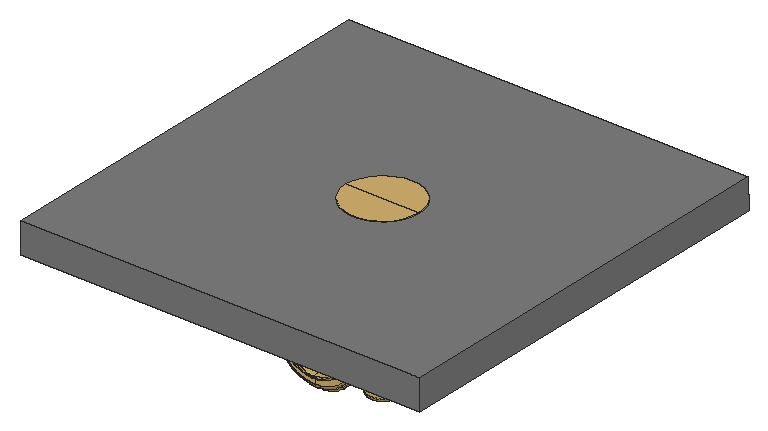
Revit family "01-Valvula de descarga - DocolSystem", category Conexões hidráulicas, Revit 2014
Parameters (values of type "1 1/2" Baixa Pressão")
  Docol: Temperatura Máxima = 0 °C
  Docol: Bitola = "1 1/2\""
  Docol: Ambiente = "Banheiro"
  Conexão de resíduos = yes
  Conexão de ventilação = yes
  URL = "www.docol.com.br"
  Raio Nominal Saida = 20 mm
  Raio Nominal Entrada = 25 mm
  Modelo = Docol: Código  # "01021500"
  Fabricante = Docol: Fabricante  # "Docol"
  Conexão HW = yes
  Docol: Link do Produto = "http://www.docol.com.br/pt/produto/valvula-de-descarga-1-1-2-quot-bp"
  Docol: Linha = "Válvulas de Descarga DocolBase"
  Docol: Fabricante = "Docol"
  Docol: Descrição = "Válvula de descarga 1 1/2\" baixa pressão, DocolSystem"
  Docol: Código = "01021500"
  Docol: Categoria = "Sistemas de Descarga"
  Docol: Acabamento = "Ferro"
  Diâmetro Nominal Saida = Raio Nominal Saida * 2  # 40 mm
  Diâmetro Nominal Entrada = Raio Nominal Entrada * 2  # 50 mm
  Descrição = Docol: Descrição  # "Válvula de descarga 1 1/2\" baixa pressão, DocolSystem"
  Elevação-padrão = 900.00 mm
  Conexão CW = yes
  Afastamento da Parede [instance] = 65.00 mm
  Acabamento [instance] = Dourado - Docol
Types (3, lengths in mm): name | Docol: Bitola | Raio Nominal Entrada | Modelo | Docol: Link do Produto | Docol: Descrição | Docol: Código | Diâmetro Nominal Entrada | Descrição
  (no name) | "1 1/2\"" | 25 | "01021500" | "http://www.docol.com.br/pt/produto/valvula-de-descarga-1-1-2-quot-bp" | "Válvula de descarga 1 1/2\" baixa pressão, DocolSystem" | "01021500" | 50 | "Válvula de descarga 1 1/2\" baixa pressão, DocolSystem"
  1 1/2" Baixa Pressão | "1 1/2\"" | 25 | "01021500" | "http://www.docol.com.br/pt/produto/valvula-de-descarga-1-1-2-quot-bp" | "Válvula de descarga 1 1/2\" baixa pressão, DocolSystem" | "01021500" | 50 | "Válvula de descarga 1 1/2\" baixa pressão, DocolSystem"
  1 1/4" Alta Pressão | "1 1/4\"" | 20 | "01051300" | "http://www.docol.com.br/pt/produto/valvula-de-descarga-1-1-4-quot-ap" | "Válvula de descarga 1 1/4\" alta pressão, DocolSystem" | "01051300" | 40 | "Válvula de descarga 1 1/4\" alta pressão, DocolSystem"
Reference planes
  plane 1 "Center (Front/Back)": y = -500
  plane 2: z = 0
  plane 3 "Center (Left/Right)": x = 0
  plane 4 "Connector In": y = -461.679
  plane 5 "Connector Out": y = -561.191
  plane 6 "Eixo": z = -65
  plane 7 "A1": z = -101.913
  plane 8 "A2": z = -122.483
Forms (mm)
  Extrusion 1, solid
    sketch origin (0, 0, 0) x (1, 0, 0) y (0, 1, 0)
      loop
        line (-140, -355) -> (-140, -644.394) -> (141.958, -644.394) -> (141.958, -355) -> (-140, -355)
    from 0 to -21.472
  Revolve 2, solid, material "Dourado - Docol" <- "Acabamento"
    sketch origin (-0.001, -500.026, -5.089) x (-1, -0.000017, 0) y (0, 0, 1)
      loop
        line (0, 5.089) -> (0, -118.411) -> (0.843, -118.411)
        arc (0.843, -118.411) -> (2.226, -118.386) -> (3.607, -118.311) r 38.402
        line (3.607, -118.311) -> (8.212, -117.979)
        arc (8.212, -117.979) -> (9.84, -117.199) -> (10.5, -115.52) r 2.465
        line (10.5, -115.52) -> (10.5, -101.85)
        arc (10.5, -101.85) -> (11.555, -99.167) -> (14.154, -97.92) r 3.94
        line (14.154, -97.92) -> (21.476, -97.387)
        arc (21.476, -97.387) -> (23.627, -96.356) -> (24.5, -94.135) r 3.261
        line (24.5, -94.135) -> (24.5, -64.898)
        arc (24.5, -64.898) -> (24.668, -64.471) -> (25.083, -64.273) r 0.627
        line (25.083, -64.273) -> (30.035, -63.927)
        arc (30.035, -63.927) -> (33.447, -62.559) -> (35.419, -59.457) r 5.997
        arc (35.419, -59.457) -> (35.829, -56.621) -> (35.602, -53.764) r 12.882
        arc (35.602, -53.764) -> (33.755, -50.589) -> (30.334, -49.254) r 5.571
        line (30.334, -49.254) -> (25.845, -49.091)
        arc (25.845, -49.091) -> (25.21, -48.808) -> (24.95, -48.163) r 0.929
        line (24.95, -48.163) -> (24.95, -46.8)
        arc (24.95, -46.8) -> (24.739, -45.893) -> (24.15, -45.172) r 2.057
        arc (24.15, -45.172) -> (23.725, -44.053) -> (24.528, -43.166) r 1.145
        arc (24.528, -43.166) -> (25.411, -42.554) -> (25.75, -41.535) r 1.7
        line (25.75, -41.535) -> (25.75, 5.089) -> (0, 5.089)
      axis (0, 5.089) -> (0, -118.411)
    angle from 0 to 360
  Revolve 3, solid, material "Dourado - Docol" <- "Acabamento"
    sketch origin (0.008, -1000.026, -5.089) x (0.000017, -1, 0) y (0, 0, 1)
      loop
        line (-500, -33.879) -> (-535.192, -33.879)
        arc (-535.192, -33.879) -> (-535.664, -33.775) -> (-536.047, -33.481) r 1.115
        line (-536.047, -33.481) -> (-537.648, -31.573)
        arc (-537.648, -31.573) -> (-537.978, -31.32) -> (-538.384, -31.23) r 0.961
        line (-538.384, -31.23) -> (-543.113, -31.23)
        arc (-543.113, -31.23) -> (-543.74, -31.489) -> (-544, -32.116) r 0.887
        line (-544, -32.116) -> (-544, -59.911) -> (-438.835, -59.911) -> (-438.835, -38.565)
        arc (-438.835, -38.565) -> (-438.984, -38.205) -> (-439.344, -38.056) r 0.509
        line (-439.344, -38.056) -> (-440.274, -38.056)
        arc (-440.274, -38.056) -> (-440.671, -37.891) -> (-440.835, -37.494) r 0.562
        line (-440.835, -37.494) -> (-440.835, -33.165)
        arc (-440.835, -33.165) -> (-441.283, -32.085) -> (-442.362, -31.638) r 1.527
        line (-442.362, -31.638) -> (-443.329, -31.638) -> (-443.329, -30.65)
        arc (-443.329, -30.65) -> (-443.543, -30.134) -> (-444.058, -29.921) r 0.729
        line (-444.058, -29.921) -> (-458.335, -29.921) -> (-458.335, -36.623) -> (-500, -36.623) -> (-500, -33.879)
      axis (-438.835, -59.911) -> (-544, -59.911)
    angle from 0 to 360
  Sweep 4, solid, material "Dourado - Docol" <- "Acabamento"
    path origin (-0.001, -527.341, -31.4) x (1, 0.000017, 0) y (-0.000017, 1, 0)
      loop
        arc (6.881, 39.738) -> (21.324, 28.545) -> (27.939, 11.512) r 34.185
        arc (27.939, 11.512) -> (25.972, 4.689) -> (19.843, 1.104) r 9.559
        arc (19.843, 1.104) -> (0, -0.373) -> (-19.843, 1.104) r 134.005
        arc (-19.843, 1.104) -> (-25.972, 4.689) -> (-27.939, 11.512) r 9.559
        arc (-27.939, 11.512) -> (-21.324, 28.545) -> (-6.881, 39.738) r 34.185
    profile origin (-0.001, -527.714, -31.4) x (0.000017, -1, 0) y (0, 0, 1)
      loop
        line (-8.994, -0.6) -> (-8.994, -28.632) -> (-0.531, -28.632) -> (3.756, -23.338)
        arc (3.756, -23.338) -> (5.886, -19.246) -> (6.248, -14.648) r 11.569
        line (6.248, -14.648) -> (4.775, -2.647)
        arc (4.775, -2.647) -> (4.005, -1.185) -> (2.461, -0.6) r 2.331
        line (2.461, -0.6) -> (-8.994, -0.6)
  Sweep 5, void
    path origin (0, 0, 0) x (0, 1, 0) y (0, 0, 1)
      loop
        line (-456.042, -65) -> (-474.248, -65)
    profile origin (0, -465.145, -65) x (0, 0, -1) y (1, 0, 0)
      loop
        circle (0, 0) r 25
  Sweep 6, void
    path origin (0, 0, 0) x (0, 1, 0) y (0, 0, 1)
      loop
        line (-561.191, -65) -> (-543.782, -65)
    profile origin (0, -552.486, -65) x (0, 0, 1) y (1, 0, 0)
      loop
        circle (0, 0) r 20
Cuts and joins
  Sweep 5, Sweep 6 cuts Revolve 2
  Sweep 5, Sweep 6 cuts Revolve 3
  Sweep 5, Sweep 6 cuts Sweep 4
  joined: Revolve 2, Revolve 3, Sweep 4
Dimensions and locks
  "Afastamento da Parede": plane 2 to plane 6 "Eixo"
  Revolve 3 sketch curve to Revolve 3 sketch curve to Revolve 3 sketch curve to Revolve 3 sketch curve to Revolve 3 sketch curve to Revolve 3 sketch curve to plane 6 "Eixo" = 1.309 mm locked, 0.408 mm locked, 2.241 mm locked, 2.744 mm locked, 1.433 mm locked, 21.855 mm locked
  Sweep 4 sketch curve to Sweep 4 sketch curve to Sweep 4 sketch curve to Sweep 4 sketch curve to Sweep 4 sketch curve to plane 6 "Eixo" = 2.047 mm locked, 12.001 mm locked, 8.69 mm locked, 5.294 mm locked, 4.968 mm locked
  Revolve 2 sketch curve to Revolve 2 sketch curve to Revolve 2 sketch curve to Revolve 2 sketch curve to Revolve 2 sketch curve to Revolve 2 sketch curve to Revolve 2 sketch curve to Revolve 2 sketch curve to Revolve 2 sketch curve to Revolve 2 sketch curve to Revolve 2 sketch curve to Revolve 2 sketch curve to plane 6 "Eixo" to Revolve 2 sketch curve to Revolve 2 sketch curve to Revolve 2 sketch curve to Revolve 2 sketch curve to Revolve 2 sketch curve to Revolve 2 sketch curve to Revolve 2 sketch curve to Revolve 2 sketch curve to Revolve 2 sketch curve = 0.00 mm locked, 0.10 mm locked, 0.332 mm locked, 2.459 mm locked, 13.67 mm locked, 3.93 mm locked, 0.533 mm locked, 3.252 mm locked, 29.237 mm locked, 0.625 mm locked, 0.346 mm locked, 4.016 mm locked, 0.454 mm locked, 5.692 mm locked, 4.51 mm locked, 0.163 mm locked, 0.928 mm locked, 1.364 mm locked, 1.628 mm locked, 2.006 mm locked, 1.631 mm locked
  locked: Sweep 5 sketch curve to plane 1 "Center (Front/Back)" at 25.752
  plane 6 "Eixo" to plane 7 "A1" to plane 8 "A2" = 36.913 mm locked, 20.57 mm locked
  radius of Revolve 2 sketch curve = 1.70 mm
  radius of Revolve 2 sketch curve = 1.145 mm
  radius of Revolve 2 sketch curve = 2.057 mm
  radius of Revolve 2 sketch curve = 0.929 mm
  radius of Revolve 2 sketch curve = 5.571 mm
  radius of Revolve 2 sketch curve = 12.882 mm
  radius of Revolve 2 sketch curve = 5.997 mm
  radius of Revolve 2 sketch curve = 0.627 mm
  radius of Revolve 2 sketch curve = 3.261 mm
  radius of Revolve 2 sketch curve = 3.94 mm
  radius of Revolve 2 sketch curve = 2.465 mm
  radius of Revolve 2 sketch curve = 38.402 mm
  "Raio Nominal Entrada": radius of Sweep 5 sketch curve
  "Raio Nominal Saida": radius of Sweep 6 sketch curve
  aligned and locked: plane 2 to Extrusion 1
  aligned and locked: level to Extrusion 1
  aligned and locked: plane 6 "Eixo" to Revolve 3 sketch curve  (x2)
  aligned and locked: Sweep 5 sketch curve to plane 6 "Eixo"
  aligned and locked: plane 5 "Connector Out" to Sweep 6 sketch curve
  aligned and locked: plane 6 "Eixo" to Sweep 6 sketch curve
Automatic sketch dimensions
  Extrusion 1 sketch curve to Extrusion 1 sketch curve = 281.958 mm
  Extrusion 1 sketch curve to Extrusion 1 sketch curve = 289.394 mm
  Revolve 2 sketch curve to level = 0.00 mm
  Revolve 2 sketch curve to Revolve 2 sketch curve = 0.00 mm  (x4)
  Revolve 2 sketch curve to Revolve 2 sketch curve = 0.843 mm
  Revolve 2 sketch curve to Revolve 2 sketch curve = 4.428 mm
  Revolve 2 sketch curve to Revolve 2 sketch curve = 7.085 mm
  Revolve 2 sketch curve to Revolve 2 sketch curve = 0.062 mm
  Revolve 2 sketch curve to Revolve 2 sketch curve = 1.546 mm
  Revolve 2 sketch curve to Revolve 2 sketch curve = 0.515 mm
  Revolve 2 sketch curve to Revolve 2 sketch curve = 1.022 mm
  Revolve 2 sketch curve to Revolve 2 sketch curve = 275.217 mm
  Revolve 3 sketch curve to Revolve 3 sketch curve = 0.00 mm  (x2)
  Revolve 3 sketch curve to Revolve 3 sketch curve = 0.887 mm
  Revolve 3 sketch curve to Revolve 3 sketch curve = 4.73 mm
  plane 6 "Eixo" to Revolve 3 sketch curve = 28.338 mm
  Revolve 3 sketch curve to Revolve 3 sketch curve = 0.736 mm
  Revolve 3 sketch curve to Revolve 3 sketch curve = 1.601 mm
  Revolve 3 sketch curve to Revolve 3 sketch curve = 0.854 mm
  Revolve 3 sketch curve to Revolve 3 sketch curve = 35.192 mm
  Revolve 3 sketch curve to Revolve 3 sketch curve = 41.665 mm
  Revolve 3 sketch curve to Revolve 3 sketch curve = 14.277 mm
  Revolve 3 sketch curve to Revolve 3 sketch curve = 0.729 mm
  Revolve 3 sketch curve to Revolve 3 sketch curve = 0.967 mm
  Revolve 3 sketch curve to Revolve 3 sketch curve = 1.527 mm
  Revolve 3 sketch curve to Revolve 3 sketch curve = 0.562 mm
  Revolve 3 sketch curve to Revolve 3 sketch curve = 0.929 mm
  Revolve 3 sketch curve to Revolve 3 sketch curve = 0.509 mm
  Revolve 3 sketch curve to Revolve 3 sketch curve = 0.398 mm
  Sweep 4 sketch curve to plane 3 "Center (Left/Right)" = 27.94 mm
  Sweep 4 sketch curve to Sweep 4 sketch curve = 0.00 mm  (x4)
  Sweep 4 sketch curve to Sweep 4 sketch curve = 8.096 mm
  Sweep 4 sketch curve to Sweep 4 sketch curve = 1.416 mm  (x2)
  Sweep 4 sketch curve to plane 3 "Center (Left/Right)" = 6.882 mm
  Sweep 4 sketch curve to plane 3 "Center (Left/Right)" = 6.077 mm
  Sweep 4 sketch curve to plane 3 "Center (Left/Right)" = 0.003 mm
  plane 3 "Center (Left/Right)" to Sweep 4 sketch curve = 6.075 mm
  plane 3 "Center (Left/Right)" to Sweep 4 sketch curve = 6.879 mm
  Sweep 4 sketch curve to Sweep 4 sketch curve = 12.351 mm
  Sweep 4 sketch curve to Sweep 4 sketch curve = 9.512 mm
  plane 1 "Center (Front/Back)" to Sweep 4 sketch curve = 26.236 mm
  Sweep 4 sketch curve to Sweep 4 sketch curve = 6.998 mm
  profile plane to Sweep 4 sketch curve = 8.994 mm
  profile plane to Sweep 4 sketch curve = 5.235 mm
  profile plane to Sweep 4 sketch curve = 0.531 mm
  Sweep 4 sketch curve to profile plane = 2.461 mm
  Sweep 4 sketch curve to profile plane = 3.756 mm
  Sweep 4 sketch curve to Sweep 4 sketch curve = 2.314 mm
  Sweep 4 sketch curve to Sweep 4 sketch curve = 1.41 mm
  Sweep 6 sketch curve to Sweep 6 sketch curve = 17.408 mm
  plane 4 "Connector In" to Sweep 5 sketch curve = 5.637 mm
  profile plane to Sweep 5 sketch curve = 0.00 mm
  Sweep 5 sketch curve to plane 3 "Center (Left/Right)" = 0.00 mm
  Sweep 6 sketch curve to profile plane = 0.00 mm
  Sweep 6 sketch curve to plane 3 "Center (Left/Right)" = 0.00 mm
Connectors
  piping at (0, -543.782, -65), diameter 40, driven by "Raio Nominal Saida"
    settings: on cut or joined group of Revolve 2, Revolve 3, Sweep 4, Sweep 5, Sweep 6, index 1, connector inside diameter 40 mm, connector length 0.00 mm, flow factor 0, pipe flow 0 L/s, pressure drop 0.00 psi, fitting loss kfactor 0, connector angle 0.00°, fixture units 0, engagement length 0.00 mm, angle of deflection 0.00°, flow configuration 0, flow direction 2, fitting loss method 0, system type 20, joint type 0, gender type 0, connector reference index 2, connector utility 0, adjustable connector no, is connector primary yes, connector description ""
  piping at (0, -474.248, -65), diameter 50, driven by "Raio Nominal Entrada"
    settings: on cut or joined group of Revolve 2, Revolve 3, Sweep 4, Sweep 5, Sweep 6, index 2, connector inside diameter 50 mm, connector length 0.00 mm, flow factor 0, pipe flow 0 L/s, pressure drop 0.00 psi, fitting loss kfactor 0, connector angle 0.00°, fixture units 0, engagement length 0.00 mm, angle of deflection 0.00°, flow configuration 0, flow direction 1, fitting loss method 0, system type 20, joint type 0, gender type 0, connector reference index 1, connector utility 0, adjustable connector no, is connector primary no, connector description ""
